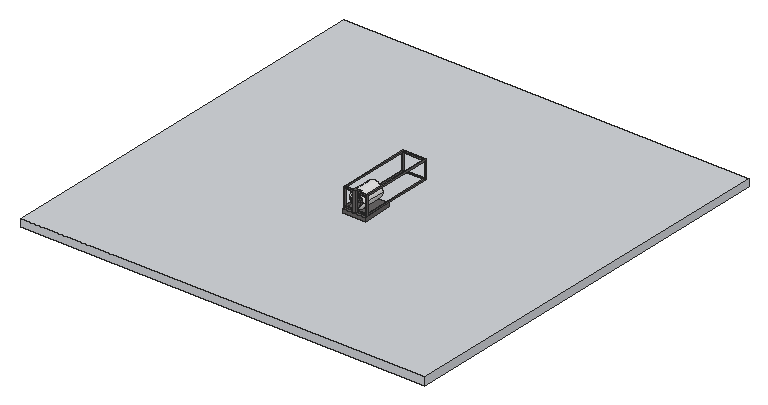
Revit family "new", category Lighting Fixtures, host Face, Revit 2014
Parameters (values of type "P710089-031")
  Watts = 100 W
  Wattage Comments = "100W"
  Wattage = 100 W
  Warranty = "1 year Warranty"  # constant formula
  built-in parameter 1150110 = 1 (stored number, unit not read)
  Voltage = 120 V
  URL = "https://www.hubbell.com/progresslighting/en"
  built-in parameter 1114217 = 1 (stored number, unit not read)
  Tilt Angle = -90.00°
  built-in parameter 1150109 = 1 (stored number, unit not read)
  built-in parameter 1150134 = 3
  built-in parameter 1150113 = 1 (stored number, unit not read)
  Product Link = "https://www.hubbell.com/progresslighting/en/Products/Lighting-Controls/Residential-Indoor-Lighting/Sconces-Wall-Brackets/Chadwick-Collection-One-Light-Black-Wall-Bracket/p/3980871"
  Product Documentation Link = "https://hubbellcdn.com/specsheet/PROG_P710089-031_spec.pdf"
  Power Factor = 1
  Photometric Web File = "generic.ies"
  Model = "P710089-031"  # constant formula
  Manufacturer = "Progress Lighting"  # constant formula
  built-in parameter 1150105 = 636.62 (stored number, unit not read)
  Lumens = 8000 lm
  built-in parameter 1150115 = 1 (stored number, unit not read)
  Load Classification = Lighting
  built-in parameter 1150137 = (empty or 0)
  built-in parameter 1150139 = (empty or 0)
  Glass = Paint - Hubbell - White Texture
  Square = 5.50"
  built-in parameter 1150112 = 1 (stored number, unit not read)
  built-in parameter 1150114 = 1 (stored number, unit not read)
  Lamp = "Medium Base or LED equivalent  "  # constant formula
  built-in parameter 1150132 = (empty or 0)
  built-in parameter 1150102 = (empty or 0)
  built-in parameter 1150107 = 3200 (stored number, unit not read)
  built-in parameter 1150138 = (empty or 0)
  built-in parameter 1150106 = 6.3662 (stored number, unit not read)
  Housing Material = Paint - Hubbell - Textured Camera Black
  Fixture distribution = "Direct"  # constant formula
  Features = "A beautiful opal glass shade visually calms the sharp edges of the boxy frame in a masterful stroke of design excellence.\r\nThe frame is coated in a classic black finish that contrasts the light shade.\r\nThe light fixture is just right for spaces in need of a subtle, feminine touch.\r\nIdeal for any foyer, dining room, hallway, bathroom, or kitchen.\r\nPerfect for transitional, modern, and contemporary settings.\r\nMeasures 5-1/2-inch width by 18-inch height.\r\nUses one medium base bulb that is sold separately (100w max - LED or incandescent).\r\nAble to be fully dimmable with dimmable bulbs.\r\nIncludes installation instructions and mounting hardware.\r\nProgress Lighting products are designed for exceptional quality, reliability, and functionality."  # constant formula
  Height = 18.00"
  built-in parameter 1150104 = 7.4322 (stored number, unit not read)
  Dimming Lamp Color Temperature Shift = <None>
  Description = "Stick with simple geometric forms and clean crisp lines with this modern wall bracket. A beautiful opal glass shade visually calms the sharp edges of the boxy frame in a masterful stroke of design excellence. The frame is coated in a classic black finish that contrasts the light shade. The light fixture is just right for spaces in need of a subtle, feminine touch."  # constant formula
  Default Elevation = 48.00"
  Copyright = " ©2020 Progress Lighting, a division of Hubbell Lighting, Inc"  # constant formula
  Contact = "https://www.hubbell.com/progresslighting/en/contactUs"
  Connector Description = "Lighting Connector"  # constant formula
  Color Filter = 16777215
  built-in parameter 1114218 = 1 (stored number, unit not read)
  built-in parameter 1150133 = 10 (stored number, unit not read)
  Assembly Code = "D5020200"
  Apparent Load = Watts / Power Factor  # 100 VA
Reference planes (in)
  plane 1 "Center (Front/Back)": y = 0
  plane 2: z = 0.5561
  plane 3 "Center (Left/Right)": x = 0
  plane 4: x = -2.75
  plane 5: x = 2.75
  plane 6: z = 14.5561
  plane 7: y = -9
  plane 8: y = 9
  plane 9: z = 5.9361
Forms (in)
  Extrusion 1, solid
    sketch origin (0, 0, 0) x (1, 0, 0) y (0, 1, 0)
      loop
        line (-48, 48) -> (-48, -48) -> (48, -48) -> (48, 48) -> (-48, 48)
    from 0.5561 to -1.25
  Extrusion 2, solid, material "Paint - Hubbell - Textured Camera Black" <- "Housing Material"
    sketch origin (0, 0, 0) x (1, 0, 0) y (0, 1, 0)
      loop
        line (-2.75, -9) -> (2.75, -9) -> (2.75, -2) -> (-2.75, -2) -> (-2.75, -9)
    from 0.5561 to 1.45463
  Revolve 3, solid, material "Paint - Hubbell - White Texture" <- "Glass"
    sketch origin (0, 0.625, 3.81484) x (1, 0, 0) y (0, 1, 0)
      loop
        line (0, -8.6875) -> (1.4375, -8.6875)
        arc (1.4375, -8.6875) -> (1.79105, -8.54105) -> (1.9375, -8.1875) r 0.5
        line (1.9375, -8.1875) -> (1.9375, -3.5) -> (1.87734, -3.5) -> (1.87734, -8.15299)
        arc (1.87734, -8.15299) -> (1.73089, -8.50654) -> (1.37734, -8.65299) r 0.5
        line (1.37734, -8.65299) -> (0, -8.65299) -> (0, -8.6875)
      axis (0, -3.5) -> (0, -8.6875)
    angle from 0 to 360
  Extrusion 4, solid, material "Paint - Hubbell - Textured Camera Black" <- "Housing Material"
    sketch origin (0, 0, 0) x (1, 0, 0) y (0, 0, 1)
      loop
        line (2.75, 5.9361) -> (2.5, 5.9361) -> (2.5, 5.6861) -> (2.75, 5.6861) -> (2.75, 5.9361)
      loop
        line (-2.75, 5.9361) -> (-2.75, 5.6861) -> (-2.5, 5.6861) -> (-2.5, 5.9361) -> (-2.75, 5.9361)
      loop
        line (2.75, 1.56857) -> (2.75, 1.81857) -> (2.5, 1.81857) -> (2.5, 1.56857) -> (2.75, 1.56857)
      loop
        line (-2.75, 1.56857) -> (-2.5, 1.56857) -> (-2.5, 1.81857) -> (-2.75, 1.81857) -> (-2.75, 1.56857)
    from -9 to 8.60132
  Extrusion 5, solid, material "Paint - Hubbell - Textured Camera Black" <- "Housing Material"
    sketch origin (0, 0, 0) x (1, 0, 0) y (0, 0, 1)
      loop
        line (-2.75, 5.9361) -> (-2.75, 1.56857) -> (2.75, 1.56857) -> (2.75, 5.9361) -> (-2.75, 5.9361)
      loop
        line (-2.5, 5.6861) -> (-2.5, 1.81857) -> (2.5, 1.81857) -> (2.5, 5.6861) -> (-2.5, 5.6861)
    from 8.32232 to 8.60132
  Extrusion 6, solid, material "Paint - Hubbell - Textured Camera Black" <- "Housing Material"
    sketch origin (0, 0.39868, 0) x (1, 0, 0) y (0, 0, -1)
      loop
        line (-2.75, -5.9361) -> (2.75, -5.9361) -> (2.75, -1.56857) -> (-2.75, -1.56857) -> (-2.75, -5.9361)
      loop
        line (-2.5, -5.6861) -> (2.5, -5.6861) -> (2.5, -1.81857) -> (-2.5, -1.81857) -> (-2.5, -5.6861)
    from 8.35 to 8.60132
  Extrusion 7, solid, material "Paint - Hubbell - Textured Camera Black" <- "Housing Material"
    sketch origin (0, 0, 0) x (0, 1, 0) y (0, 0, 1)
      loop
        line (-9, 1.56857) -> (-8.60132, 1.56857) -> (-8.60132, 5.9361) -> (-8.11894, 5.9361) -> (-8.11894, 6.20463) -> (-9, 6.20463) -> (-9, 1.56857)
    from -0.35777 to 0.37187
  Revolve 8, solid, material "Paint - Hubbell - Textured Camera Black" <- "Housing Material"
    sketch origin (0, 0, 3.64663) x (1, 0, 0) y (0, 1, 0)
      loop
        line (0, -8.06439) -> (0, -8.67142) -> (0.37187, -8.67142) -> (0.37187, -8.32232) -> (1.12601, -8.32232) -> (1.12601, -8.06439) -> (0, -8.06439)
      axis (0, -8.06439) -> (0, -8.67142)
    angle from 0 to 360
Dimensions and locks (in)
  "Square": plane 4 to plane 5
  equal spacing: plane 4, plane 3 "Center (Left/Right)", plane 5
  equal spacing: plane 7, plane 1 "Center (Front/Back)", plane 8
  "Height": plane 7 to plane 8
  aligned and locked: plane 2 to Extrusion 1
Automatic sketch dimensions
  Extrusion 1 sketch curve to Extrusion 1 sketch curve = 96.00"  (x2)
  Extrusion 2 sketch curve to plane 4 = 0.00"
  Extrusion 2 sketch curve to plane 5 = 0.00"
  plane 7 to Extrusion 2 sketch curve = 0.00"
  plane 1 "Center (Front/Back)" to Extrusion 2 sketch curve = 2.00"
  Revolve 3 sketch curve to plane 3 "Center (Left/Right)" = 0.00"  (x2)
  Revolve 3 sketch curve to plane 5 = 1.37266"
  Revolve 3 sketch curve to Revolve 3 sketch curve = 0.06016"  (x2)
  Revolve 3 sketch curve to Revolve 3 sketch curve = 0.43984"
  Revolve 3 sketch curve to plane 7 = 0.9375"
  Revolve 3 sketch curve to Revolve 3 sketch curve = 0.03451"
  plane 1 "Center (Front/Back)" to Revolve 3 sketch curve = 2.875"
  plane 7 to Revolve 3 sketch curve = 5.375"
  Revolve 3 sketch curve to plane 8 = 4.625"
  Extrusion 4 sketch curve to plane 4 = 0.00"  (x2)
  Extrusion 4 sketch curve to plane 9 = 0.00"  (x2)
  Extrusion 4 sketch curve to plane 5 = 0.00"  (x2)
  Extrusion 4 sketch curve to Extrusion 4 sketch curve = 0.25"  (x4)
  Extrusion 4 sketch curve to plane 5 = 0.25"  (x2)
  plane 9 to Extrusion 4 sketch curve = 0.25"  (x2)
  plane 2 to Extrusion 4 sketch curve = 1.26247"  (x2)
  Extrusion 5 sketch curve to plane 4 = 0.00"
  Extrusion 5 sketch curve to plane 5 = 0.00"
  Extrusion 5 sketch curve to plane 9 = 0.00"
  plane 4 to Extrusion 5 sketch curve = 0.25"
  Extrusion 5 sketch curve to plane 5 = 0.25"
  plane 9 to Extrusion 5 sketch curve = 0.25"
  plane 2 to Extrusion 5 sketch curve = 1.26247"
  Extrusion 5 sketch curve to Extrusion 5 sketch curve = 0.25"
  Extrusion 6 sketch curve to plane 4 = 0.00"
  Extrusion 6 sketch curve to plane 5 = 0.00"
  Extrusion 6 sketch curve to plane 9 = 0.00"
  plane 4 to Extrusion 6 sketch curve = 0.25"
  Extrusion 6 sketch curve to plane 5 = 0.25"
  plane 9 to Extrusion 6 sketch curve = 0.25"
  plane 2 to Extrusion 6 sketch curve = 1.26247"
  Extrusion 6 sketch curve to Extrusion 6 sketch curve = 0.25"
  Extrusion 7 sketch curve to plane 7 = 0.00"
  plane 9 to Extrusion 7 sketch curve = 0.00"
  Extrusion 7 sketch curve to plane 7 = 0.39868"
  Extrusion 7 sketch curve to plane 9 = 0.26852"
  Extrusion 7 sketch curve to Extrusion 7 sketch curve = 0.48238"
  plane 2 to Extrusion 7 sketch curve = 1.01247"
  Revolve 8 sketch curve to plane 3 "Center (Left/Right)" = 0.00"  (x2)
  plane 3 "Center (Left/Right)" to Revolve 8 sketch curve = 0.37187"
  Revolve 8 sketch curve to Revolve 8 sketch curve = 0.75414"
  Revolve 8 sketch curve to plane 7 = 0.32858"
  Revolve 8 sketch curve to plane 7 = 0.67768"
  Revolve 8 sketch curve to Revolve 8 sketch curve = 0.25793"
  plane 7 to Revolve 8 sketch curve = 0.86894"
  plane 1 "Center (Front/Back)" to Revolve 8 sketch curve = 3.61894"
Connectors (in)
  electrical at (0, -5.5, 0.5561), driven by "Connector Description", driven by "Power Factor", driven by "Apparent Load", driven by "Voltage", driven by "Load Classification"
    settings: on Extrusion 2, index 1, voltage 120 V, apparent load 100 VA, apparent load phase1 0 VA, apparent load phase2 0 VA, apparent load phase3 0 VA, power factor 1, load classification "Lighting", number of poles 1, system type 30, power factor state 1, is connector primary yes, connector utility no, sub classification motor no, connector description "Lighting Connector"
